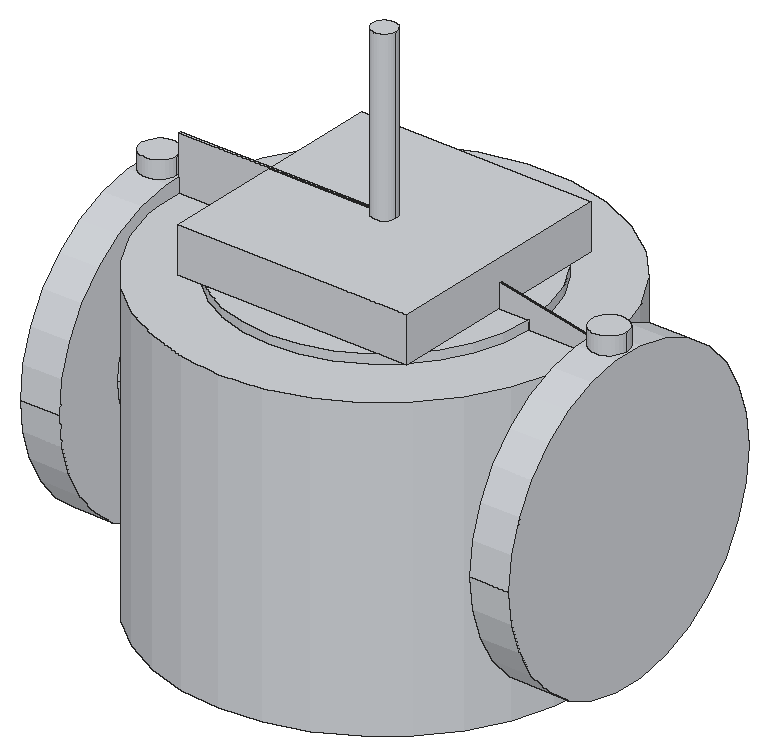
Revit family "OC-FLANGE_HF_DN300_PN25_RFA_2019", category Pipe Accessories, Revit 2019
Family settings
  Round Connector Dimension = Use Diameter
  Part Type = Valve - Breaks Into
  Work Plane-Based = No
  Always vertical = Yes
  Cut with Voids When Loaded = No
  Shared = No
Parameters (values of type "Optima Compact Flange PN25 DN300 HF")
  magiProductId = "6988231868984c45bc1ee399ade9af"
  magiProductFamilyId = "85dff9c68a224669bc3e9a31beef4e"
  magiPartTypeId = 304
  isMeasuringValve [instance] = no
  ang2D [instance] = 0.00°
  W2D = 50 mm
  VersionID = "2.0/2018.12.13.2/FRESE_OPT_COMP_BIG_Q13_001"
  Use Minimum Symbol Size [instance] = no
  URL = "www.hydronic.cz"
  Type Comments = "Přírubový; PN25; 0~110°C, s měřením"
  R4 = 251.65 mm
  R3 = 135.2 mm
  R1 = 359.5 mm
  QmdConnectorList = "301;D;302;D"
  Productdata [instance] = ""
  Manufacturer = "Hydronic Systems Prague s..ro"
  MC Use Limits From Balancing Method = no
  MC Throttling Minimum Value = 0
  MC Throttling Maximum Value = 0
  MC Product Code = "53-1238 (DN300 HF; 48mm; pohon min 2500N; Qmin-dpmin 245000l/h-15.0kPa; Qmax-dpmin 600000l/h-70.0kPa; dpmax 800kPa)"
  MC Pressure Drop Minimum Value = 0.0 Pa
  MC Pressure Drop Maximum Value = 0.0 Pa
  MC Piping Given Pressure Drop [instance] = 0.0 Pa
  LF__ve = -LF  # -68 mm
  LF2 = 34 mm
  LF = 68 mm
  L4 = 399.5 mm
  L3 = 714 mm
  L2D_Min = 30.48 mm
  L2D = 230 mm
  L2 = 425 mm
  H6 = 290 mm
  H4 = 78 mm
  H3 = 15 mm
  H2 = 286 mm
  H1 = 520 mm
  H = 1132 mm
  Description = "Tlakově nezávislý 2-cestný regulační vyvažovací ventil (PICV)"
  DF2 = 260 mm
  DD = yes
  D = 300 mm
  CAT0 = yes
  AL2 = 156 mm
  ACT3W = 167 mm
  ACT3L = 92.5 mm
  ACT2L = 230 mm
  ACT2H = 311 mm
  A3WP = 112 mm
Types (2, lengths in mm): name | magiProductId | R4 | R3 | R1 | MC Product Code | LF__ve | LF2 | LF | L4 | L3 | L2 | H6 | H4 | H2 | H1 | H | DF2 | D
  Optima Compact Flange PN25 DN250 HF | "248d4ad3cfa54a6393ff3e1f812aa6" | 192.15 | 115.44 | 274.5 | "53-1237 (DN250 HF; 48mm; pohon min 2500N; Qmin-dpmin 245000l/h-15.0kPa; Qmax-dpmin 600000l/h-70.0kPa; dpmax 800kPa)" | -58.4 | 29.2 | 58.4 | 343.1 | 613.2 | 365 | 339.4 | 66.6 | 244.2 | 444 | 1094 | 222 | 250
  Optima Compact Flange PN25 DN300 HF | "6988231868984c45bc1ee399ade9af" | 251.65 | 135.2 | 359.5 | "53-1238 (DN300 HF; 48mm; pohon min 2500N; Qmin-dpmin 245000l/h-15.0kPa; Qmax-dpmin 600000l/h-70.0kPa; dpmax 800kPa)" | -68 | 34 | 68 | 399.5 | 714 | 425 | 290 | 78 | 286 | 520 | 1132 | 260 | 300
Reference planes
  plane 1 "Center (Front/Back)": y = 0
  plane 2 "XYPLANE": z = 0
  plane 3 "Center (Left/Right)": x = 0
  plane 4 "362": y = 45
  plane 5 "361": y = 55
  plane 6 "360": y = -102
  plane 7 "359": y = -112
  plane 8 "358": z = 852
  plane 9 "357": x = -87.5
  plane 10 "356": x = 87.5
  plane 11 "355": x = -92.5
  plane 12 "354": x = 92.5
  plane 13 "353": x = 35
  plane 14 "352": x = -35
  plane 15 "351": z = 627
  plane 16 "350": z = 812
  plane 17 "347": y = -25
  plane 18 "346": y = 25
  plane 19 "342": z = 328
  plane 20 "341": x = 357
  plane 21 "340": x = -357
  plane 22 "335": x = 106
  plane 23 "334": z = 759
  plane 24 "333": z = 684
  plane 25 "332": z = 689
  plane 26 "331": z = 729
  plane 27 "330": z = 561
  plane 28 "329": z = -260
  plane 29 "328": x = -45
  plane 30 "327": x = 45
  plane 31 "326": x = -49
  plane 32 "325": x = 49
  plane 33 "324": y = -20
  plane 34 "323": y = 20
  plane 35 "322": z = 869
  plane 36 "321": z = 872
  plane 37 "320": z = 581
  plane 38 "319": y = -61
  plane 39 "318": y = 73
  plane 40 "317": x = -74
  plane 41 "316": x = 156
  plane 42 "206": x = 391
  plane 43 "205": x = -391
  plane 44 "204": z = 260
  plane 45 "203": z = 327
  plane 46 "202": z = 249
  plane 47 "201": z = 234
  plane 48 "200": x = -357
  plane 49 "199": z = -286
  plane 50 "198": x = 0
  plane 51 "197": y = 0
  plane 52 "196": z = 0
  plane 53 "195": x = -425
  plane 54 "194": x = 425
  plane 55 "193": z = 617
  plane 56 "192": z = 781
Forms (mm)
  Extrusion 1, solid, visible <- "DD"
    sketch origin (750, 0, 0) x (-1, 0, 0) y (0, 0, 1)
      loop
        line (1107, 328) -> (750, 328) -> (393, 260) -> (393, -260) -> (1107, -260) -> (1107, 328)
    from 0 to 3
  Extrusion 2, solid, visible <- "CAT0"
    sketch origin (-750, 0, 260) x (1, 0, 0) y (0, 1, 0)
      loop
        circle (1141, 0) r 30.3
    from 0 to 30
  Extrusion 3, solid, visible <- "CAT0"
    sketch origin (-750, 0, 260) x (1, 0, 0) y (0, 1, 0)
      loop
        circle (359, 0) r 30.3
    from 0 to 30
  Extrusion 4, solid, visible <- "CAT0"
    sketch origin (-750, 0, 327) x (1, 0, 0) y (0, 1, 0)
      loop
        circle (750, 0) r 20
    from 0 to 290 <- "H6"
  Extrusion 5, solid, visible <- "CAT0"
    sketch origin (-750, 0, 249) x (1, 0, 0) y (0, 1, 0)
      loop
        line (949.75, 199.75) -> (550.25, 199.75) -> (550.25, -199.75) -> (949.75, -199.75) -> (949.75, 199.75)
    from 0 to 78 <- "H4"
  Extrusion 6, solid, visible <- "CAT0"
    sketch origin (-750, 0, 234) x (1, 0, 0) y (0, 1, 0)
      loop
        circle (750, 0) r 251.65
    from 0 to 15 <- "H3"
  Extrusion 7, solid, visible <- "CAT0"
    sketch origin (-357, -750, 0) x (0, 1, 0) y (0, 0, 1)
      loop
        circle (750, 0) r 135.2
    from 0 to 714 <- "L3"
  Extrusion 8, solid, visible <- "CAT0"
    sketch origin (-750, 0, -286) x (1, 0, 0) y (0, 1, 0)
      loop
        circle (750, 0) r 359.5
    from 0 to 520 <- "H1"
  Extrusion 9, solid, visible <- "CAT0"
    sketch origin (-425, -750, 0) x (0, 1, 0) y (0, 0, 1)
      loop
        circle (750, 0) r 260
    from 0 to 68 <- "LF"
  Extrusion 10, solid, visible <- "CAT0"
    sketch origin (425, -750, 0) x (0, 1, 0) y (0, 0, 1)
      loop
        circle (750, 0) r 260
    from 0 to -68 <- "LF__ve"
  Extrusion 11, solid, not visible
    sketch origin (-425, -750, 0) x (0, 1, 0) y (0, 0, 1)
      loop
        circle (750, 0) r 10
    from 0 to 10
  Extrusion 12, solid, not visible
    sketch origin (425, -750, 0) x (0, 1, 0) y (0, 0, 1)
      loop
        circle (750, 0) r 10
    from 0 to -10
Lines and regions (mm)
  reference lines, not visible
    curve 1: circle (2, 2, 0) r 1 normal (0, 0, 1)
  reference lines
    curve 2: line (-49, -20, 561) -> (49, -20, 561)
    curve 3: line (49, -20, 561) -> (49, 20, 561)
    curve 4: line (49, 20, 561) -> (-49, 20, 561)
    curve 5: line (-49, 20, 561) -> (-49, -20, 561)
    curve 6: circle (0, 0, 249) r 1 normal (0, 0, 1)
Dimensions and locks
  plane 1 "Center (Front/Back)" to curve 1 = 2 mm
  locked: plane 5 "361" to plane 4 "362" at 10
  "ACT3W": plane 7 "359" to plane 5 "361"
  locked: plane 7 "359" to plane 6 "360" at 10
  "A3WP": plane 51 "197" to plane 7 "359"
  locked: plane 36 "321" to plane 8 "358" at 20
  locked: plane 11 "355" to plane 9 "357" at 5
  locked: plane 12 "354" to plane 10 "356" at 5
  "ACT3L": plane 50 "198" to plane 11 "355"
  "ACT3L": plane 50 "198" to plane 12 "354"
  locked: plane 30 "327" to plane 13 "353" at 10
  locked: plane 29 "328" to plane 14 "352" at 10
  locked: plane 36 "321" to plane 15 "351" at 245
  locked: plane 36 "321" to plane 16 "350" at 60
  locked: plane 51 "197" to plane 17 "347" at 25
  locked: plane 51 "197" to plane 18 "346" at 25
  "LF": plane 44 "204" to plane 19 "342"
  "LF": plane 54 "194" to plane 20 "341"
  "LF": plane 53 "195" to plane 21 "340"
  locked: plane 41 "316" to plane 22 "335" at 50
  locked: plane 26 "331" to plane 23 "334" at 30
  locked: plane 35 "322" to plane 24 "333" at 185
  locked: plane 35 "322" to plane 25 "332" at 180
  locked: plane 35 "322" to plane 26 "331" at 140
  "ACT2H": plane 36 "321" to plane 27 "330"
  "DF2": plane 52 "196" to plane 28 "329"
  locked: plane 30 "327" to plane 29 "328" at 90
  locked: plane 50 "198" to plane 30 "327" at 45
  locked: plane 50 "198" to plane 31 "326" at 49
  locked: plane 50 "198" to plane 32 "325" at 49
  locked: plane 34 "323" to plane 33 "324" at 40
  locked: plane 51 "197" to plane 34 "323" at 20
  locked: plane 36 "321" to plane 35 "322" at 3
  "H": plane 28 "329" to plane 36 "321"
  locked: plane 27 "330" to plane 37 "320" at 20
  locked: plane 51 "197" to plane 38 "319" at 61
  locked: plane 51 "197" to plane 39 "318" at 73
  "ACT2L": plane 41 "316" to plane 40 "317"
  "AL2": plane 50 "198" to plane 41 "316"
  "LF2": plane 54 "194" to plane 42 "206"
  "LF2": plane 53 "195" to plane 43 "205"
  "DF2": plane 2 "XYPLANE" to plane 44 "204"
  "H4": plane 46 "202" to plane 45 "203"
  "H3": plane 47 "201" to plane 46 "202"
  "H1": plane 49 "199" to plane 47 "201"
  "LF": plane 53 "195" to plane 48 "200"
  "H2": plane 2 "XYPLANE" to plane 49 "199"
  locked: plane 3 "Center (Left/Right)" to plane 50 "198"
  locked: plane 1 "Center (Front/Back)" to plane 51 "197"
  locked: plane 2 "XYPLANE" to plane 52 "196"
  "L2": plane 3 "Center (Left/Right)" to plane 53 "195"
  "L2": plane 3 "Center (Left/Right)" to plane 54 "194"
  "H6": plane 45 "203" to plane 55 "193"
  locked: plane 55 "193" to plane 56 "192" at 164
  Extrusion 1 sketch curve to Extrusion 1 sketch curve = 0 mm  (x10)
  equal spacing: Extrusion 5 sketch curve, curve 6, Extrusion 5 sketch curve  (x2)
  "L4": Extrusion 5 sketch curve to Extrusion 5 sketch curve  (x2)
  Extrusion 5 sketch curve to Extrusion 5 sketch curve = 0 mm  (x8)
  "R4": radius of Extrusion 6 sketch curve
  "R3": radius of Extrusion 7 sketch curve
  "R1": radius of Extrusion 8 sketch curve
  "DF2": radius of Extrusion 9 sketch curve
  "DF2": radius of Extrusion 10 sketch curve
  aligned and locked: level to plane 2 "XYPLANE"
  aligned and locked: plane 21 "340" to Extrusion 1 sketch curve  (x2)
  aligned and locked: plane 19 "342" to Extrusion 1 sketch curve
  aligned and locked: plane 28 "329" to Extrusion 1 sketch curve  (x2)
  aligned and locked: plane 20 "341" to Extrusion 1 sketch curve  (x2)
  aligned and locked: plane 44 "204" to Extrusion 1 sketch curve
  aligned and locked: plane 50 "198" to Extrusion 1 sketch curve
  aligned and locked: Extrusion 1 sketch curve to plane 19 "342"
  aligned and locked: curve 2 to plane 33 "324"
  aligned and locked: plane 31 "326" to curve 2
  aligned and locked: plane 32 "325" to curve 2
  aligned and locked: plane 33 "324" to curve 3
  aligned and locked: plane 34 "323" to curve 3
  aligned and locked: plane 32 "325" to curve 4
  aligned and locked: plane 31 "326" to curve 4
  aligned and locked: plane 34 "323" to curve 5
  aligned and locked: plane 42 "206" to Extrusion 2 sketch curve
  aligned and locked: plane 51 "197" to Extrusion 2 sketch curve
  aligned and locked: plane 43 "205" to Extrusion 3 sketch curve
  aligned and locked: plane 51 "197" to Extrusion 3 sketch curve
  aligned and locked: plane 50 "198" to Extrusion 4 sketch curve
  aligned and locked: plane 51 "197" to Extrusion 4 sketch curve
  aligned and locked: plane 50 "198" to curve 6
  aligned and locked: plane 51 "197" to curve 6
  aligned and locked: plane 50 "198" to Extrusion 6 sketch curve
  aligned and locked: plane 51 "197" to Extrusion 6 sketch curve
  aligned and locked: Extrusion 7 sketch curve to plane 51 "197"
  aligned and locked: plane 52 "196" to Extrusion 7 sketch curve
  aligned and locked: plane 50 "198" to Extrusion 8 sketch curve
  aligned and locked: plane 51 "197" to Extrusion 8 sketch curve
  aligned and locked: Extrusion 9 sketch curve to plane 51 "197"
  aligned and locked: plane 52 "196" to Extrusion 9 sketch curve
  aligned and locked: Extrusion 10 sketch curve to plane 51 "197"
  aligned and locked: plane 52 "196" to Extrusion 10 sketch curve
  aligned and locked: Extrusion 11 sketch curve to plane 51 "197"
  aligned and locked: plane 52 "196" to Extrusion 11 sketch curve
  aligned and locked: Extrusion 12 sketch curve to plane 51 "197"
  aligned and locked: plane 52 "196" to Extrusion 12 sketch curve
Automatic sketch dimensions
  plane 20 "341" to Extrusion 2 sketch curve = 3.7 mm
  plane 53 "195" to Extrusion 3 sketch curve = 3.7 mm
  plane 14 "352" to Extrusion 4 sketch curve = 15 mm
  plane 1 "Center (Front/Back)" to Extrusion 11 sketch curve = 10 mm
  plane 1 "Center (Front/Back)" to Extrusion 12 sketch curve = 10 mm
  plane 3 "Center (Left/Right)" to curve 1 = 2 mm
  Extrusion 5 sketch curve to plane 11 "355" = 107.25 mm
  Extrusion 5 sketch curve to plane 7 "359" = 87.75 mm
  radius of curve 6 = 1 mm
  radius of curve 1 = 1 mm
Connectors
  piping at (-425, 0, 0), diameter 300, driven by "D"
    settings: on Extrusion 11, index 1, connector inside diameter 609.6 mm, connector length 0 mm, flow factor 0, pipe flow 0.0 L/s, pressure drop 0.0 Pa, fitting loss kfactor 0, connector angle 0.00°, fixture units 0, engagement length 0 mm, angle of deflection 0.00°, flow configuration 0, flow direction 0, fitting loss method 0, system type 29, joint type 0, gender type 0, connector reference index 2, connector utility 0, adjustable connector no, is connector primary yes, connector description ""
  piping at (425, 0, 0), diameter 300, driven by "D"
    settings: on Extrusion 12, index 2, connector inside diameter 609.6 mm, connector length 0 mm, flow factor 0, pipe flow 0.0 L/s, pressure drop 0.0 Pa, fitting loss kfactor 0, connector angle 0.00°, fixture units 0, engagement length 0 mm, angle of deflection 0.00°, flow configuration 0, flow direction 0, fitting loss method 0, system type 29, joint type 0, gender type 0, connector reference index 1, connector utility 0, adjustable connector no, is connector primary no, connector description ""
